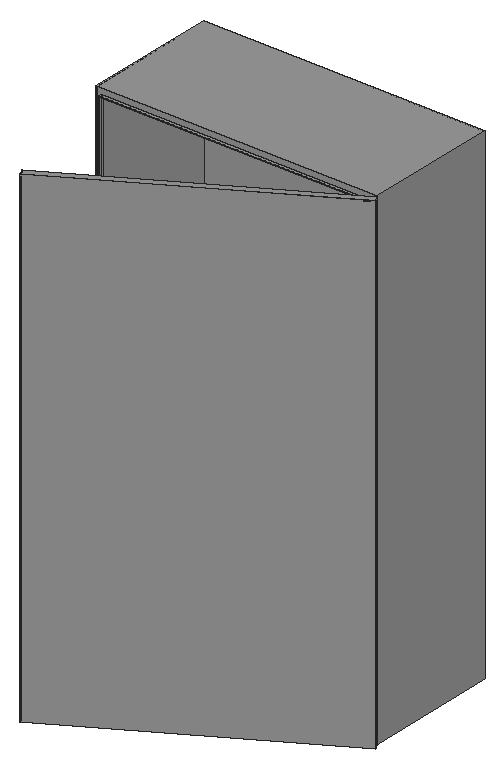
Revit family "Hager-Univers-IP55-D400-H1400-Cl.I-Steel_encl-NoHosted-PL-pl", category Electrical Equipment, Revit 2020
Family settings
  Panel Configuration = Two Columns, Circuits Across
  Round Connector Dimension = Use Diameter
  Part Type = Panelboard
  Work Plane-Based = Yes
  Always vertical = Yes
  Cut with Voids When Loaded = No
  Shared = No
  Room Calculation Point = No
Parameters (values of type "Montaż natynkowy IP55 S800 W1400 G400  - FR93G")
  Width Control [instance] = if([EF000008 - Szerokość] > Min Width, [EF000008 - Szerokość], Min Width)  # 800 mm
  Type Comments = [HG000003 - Zakres]  # "Univers"
  Thickness Door [instance] = if([EF009171 - Drzwi/pokrywa z materiału o wysokiej wytrzymałości mechanicznej] > 3 mm, 3 mm, [EF009171 - Drzwi/pokrywa z materiału o wysokiej wytrzymałości mechanicznej])  # 1.5 mm
  Seal Frame Offset [instance] = 17 mm  # constant formula
  Plinth Visibility [instance] = [HG000027 - Wysokość cokołu] > 0 mm  # no
  Min Width [instance] = 100 mm  # constant formula
  Min Depth [instance] = (2 * [EF009170 - Obudowa z materiału o wysokiej wytrzymałości mechanicznej]) + 1 mm  # 4 mm
  Min Height [instance] = 100 mm  # constant formula
  Internal Frame Depth [instance] = (Door System Depth * 0.5)  # 9 mm
  Panel Name [instance] = ""  # (empty or 0)
  Model = ""
  HG000027 - Wysokość cokołu = 0 mm
  HG000026 - Stojąca = no
  HG000024 - Wysokość części dolnej = 600 mm
  HG000023 - Obudowa dwusekcyjna = no
  HG000016 - Widoczność drzwi w widoku 3D [instance] = yes
  HG000015 - Przestrzeń robocza - otwarcie drzwi [instance] = no
  HG000014 - Drzwi prawe [instance] = yes
  HG000013 - Drzwi lewe [instance] = not([HG000014 - Drzwi prawe])  # no
  HG000012 - Kąt otwarcia drzwi [instance] = 30.00°
  HG000010 - Drzwi asymetryczne = no
  HG000009 - Drzwi dwuskrzydłowe = no
  HG000006 - Montaż podtynkowy = no
  HG000004 - Referencja producenta = "FR93G"
  HG000003 - Zakres = "Univers"
  HG000002 - Z drzwiami lub pokrywą = yes
  Frame Offset Bottom [instance] = 10 mm  # constant formula
  Frame Offset [instance] = 15 mm  # constant formula
  EF015940 - Pokrywa z wyzwalaczem nadciśnieniowym = no
  EF011959 - Stopień ochrony (NEMA) = ""
  EF009554 - Liczba otworów pod flansze = 6
  EF009212 - Wykonanie pokrywy = "EV000116 - Zamknięty"
  EF009171 - Drzwi/pokrywa z materiału o wysokiej wytrzymałości mechanicznej = 1.5 mm
  EF009170 - Obudowa z materiału o wysokiej wytrzymałości mechanicznej = 1.5 mm
  EF008873 - Prąd znamionowy (In) = 800 A
  EF007800 - Do ochrony odgromowej = no
  EF006306 - Z zamkiem = no
  EF006244 - Transparentna pokrywa/drzwi = no
  EF005474 - Stopień ochrony (IP) = "EV006420 - IP55"
  EF004464 - Rodzaj drzwi = "EV002646 - Pojedynczy"
  EF004427 - Liczba modułów = 324
  EF004293 - Odporność udarowa = "EV008784 - IK10"
  EF003532 - Do zastosowań zewnętrznych = no
  EF002950 - Szerokość wyrażona liczbą modułów = 24
  EF001613 - Podtrzymanie funkcji = "EV000494 - Brak"
  EF001596 - Materiał obudowy = "EV000179 - Stal"
  EF001131 - Głębokość wewnętrzna = 400 mm
  EF001088 - Możliwość rozbudowy = yes
  EF000437 - Liczba wejść kablowych = 6
  EF000339 - Rodzaj pokrywy = "EV004216 - Drzwi"
  EF000266 - Liczba rzędów = 9
  EF000218 - Głębokość wbudowania = 0 mm
  EF000118 - Z płytą montażową = no
  EF000116 - Numer RAL = "7035"
  EF000049 - Głębokość = 400 mm
  EF000040 - Wysokość = 1400 mm
  EF000008 - Szerokość = 800 mm
  EF000007 - Kolor = "EV000270 - Szary"
  EF000003 - Sposób montażu = "EV000384 - Montaż natynkowy"
  Door System Leaf Tolerance [instance] = 1.5 mm  # constant formula
  Door System Depth [instance] = 18 mm  # constant formula
  Door Height [instance] = Height Control - [HG000027 - Wysokość cokołu]  # 1400 mm
  Description = ""
  Default Elevation = 1219.2 mm
  Connector Offset [instance] = Height Control / 2  # 700 mm
  Manufacturer = "Hager"  # constant formula
  Height Control [instance] = if([EF000040 - Wysokość] > Min Height, [EF000040 - Wysokość], Min Height)  # 1400 mm
  Depth Control [instance] = if([EF000049 - Głębokość] > Min Depth, [EF000049 - Głębokość], Min Depth)  # 400 mm
  Bottom Top Plate Trim [instance] = 1.5 mm  # constant formula
  Plinth height Ctrl [instance] = if([HG000027 - Wysokość cokołu] > 0 mm, [HG000027 - Wysokość cokołu], 12 mm)  # 12 mm
Types (3, lengths in mm): name | Width Control | HG000009 - Drzwi dwuskrzydłowe | HG000004 - Referencja producenta | EF009554 - Liczba otworów pod flansze | EF004464 - Rodzaj drzwi | EF004427 - Liczba modułów | EF000437 - Liczba wejść kablowych | EF000008 - Szerokość
  Montaż natynkowy IP55 S1050 W1400 G400  - FR94G | 1050 | yes | "FR94G" | 8 | "EV003602 - Podwójny" | 432 | 8 | 1050
  Montaż natynkowy IP55 S550 W1400 G400  - FR92G | 550 | no | "FR92G" | 4 | "EV002646 - Pojedynczy" | 216 | 4 | 550
  Montaż natynkowy IP55 S800 W1400 G400  - FR93G | 800 | no | "FR93G" | 6 | "EV002646 - Pojedynczy" | 324 | 6 | 800
Reference planes
  plane 1 "Center (Front/Back)": y = 0
  plane 2: z = 0
  plane 3 "Center (Left/Right)": x = 0
  plane 4: y = 0
  plane 5: y = 0
  plane 6: z = 0
  plane 7: x = -400
  plane 8: x = 400
  plane 9: x = 398.5
  plane 10: x = -398.5
  plane 11: z = 0
  plane 12: z = 1.5
  plane 13: y = -400
  plane 14: y = -1.5
  plane 15: x = 0
  plane 16: y = -382
  plane 17: y = -398.5
  plane 18: y = -380.5
  plane 19: x = -383.5
  plane 20: x = 383.5
  plane 21: z = 11.5
  plane 22: x = -383
  plane 23: x = 383
  plane 24: z = 0
  plane 25: z = 1400
  plane 26: z = 1400
  plane 27: z = 1383.5
  plane 28: z = 1398.5
Forms (mm)
  Extrusion 1, solid, material "Hager_Steel_RAL7035_Light_Grey", detail levels medium+fine
    sketch origin (-208.679, -4572, 0) x (-1, 0, 0) y (0, -1, 0)
      loop
        line (191.321, -4190) -> (-608.679, -4190) -> (-608.679, -4572) -> (191.321, -4572) -> (191.321, -4190)
    from 0 to 1400
  Extrusion 2, void
    sketch origin (-350.771, -400, 1219.2) x (1, 0, 0) y (0, 0, 1)
      loop
        line (-47.729, 179.3) -> (-47.729, -1217.7) -> (749.271, -1217.7) -> (749.271, 179.3) -> (-47.729, 179.3)
    from -19.5 to -398.5
  Extrusion 3, void
    sketch origin (-290.084, -382, 1219.2) x (1, 0, 0) y (0, 0, 1)
      loop
        line (-93.416, -1207.7) -> (673.584, -1207.7) -> (673.584, 164.3) -> (-93.416, 164.3) -> (-93.416, -1207.7)
    from 0 to -1.5
  Extrusion 4, solid, material "Hager_Steel_RAL7035_Light_Grey", visible <- "Plinth Visibility", detail levels medium+fine
    sketch origin (0, 0, 0) x (1, 0, 0) y (0, 1, 0)
      loop
        line (-400, 0) -> (-400, -382) -> (400, -382) -> (400, 0) -> (-400, 0)
    from 0 to 12 <- "Plinth height Ctrl"
  Extrusion 5, solid, material "Hager_Steel_RAL7035_Light_Grey", detail levels coarse
    sketch origin (0, 0, 0) x (1, 0, 0) y (0, 1, 0)
      loop
        line (-400, 0) -> (-400, -400) -> (400, -400) -> (400, 0) -> (-400, 0)
    from 0 to 1400 <- "Height Control"
  Sweep 6, void
    path in 3D
      loop
        line (-400, -382, 12) -> (400, -382, 12) -> (400, 0, 12) -> (-400, 0, 12) -> (-400, -382, 12)
    profile origin (-400, -191, 12) x (1, 0, 0) y (0, 0, 1)
      loop
        line (0, 0) -> (0, -1.5) -> (1.5, -1.5)
        arc (1.5, -1.5) -> (1.061, -0.439) -> (0, 0) r 1.5
  Extrusion 7, solid, material "Hager_Steel_RAL7035_Light_Grey", detail levels fine
    sketch origin (-400, -382, 0) x (1, 0, 0) y (0, 0, 1)
      loop
        line (16.5, 11.5) -> (783.5, 11.5) -> (783.5, 1383.5) -> (16.5, 1383.5) -> (16.5, 11.5)
      loop
        line (15, 10) -> (785, 10) -> (785, 1385) -> (15, 1385) -> (15, 10)
    from 0 to 9 <- "Internal Frame Depth"
Cuts and joins
  Extrusion 2, Extrusion 3 cuts Extrusion 1
  Sweep 6 cuts Extrusion 4
Lines and regions (mm)
  Masking region 1
    outline origin (0, 0, 0) x (1, 0, 0) y (0, 1, 0)
      loop
        line (-400, 0) -> (-400, -400) -> (400, -400) -> (400, 0) -> (-400, 0)
  Masking region 2, detail levels coarse
    outline origin (-290.084, -382, 1219.2) x (-1, 0, 0) y (0, 0, 1)
      loop
        line (-690.084, -1219.2) -> (109.916, -1219.2) -> (109.916, 180.8) -> (-690.084, 180.8) -> (-690.084, -1219.2)
  Masking region 3, detail levels coarse
    outline origin (0, 0, 0) x (0, 1, 0) y (0, 0, 1)
      loop
        line (0, 0) -> (0, 1400) -> (-400, 1400) -> (-400, 0) -> (0, 0)
  Masking region 4, visible <- "Plinth Visibility", detail levels medium+fine
    outline origin (0, 0, 0) x (0, 1, 0) y (0, 0, 1)
      loop
        line (-1.5, 12) -> (-380.5, 12)
        arc (-380.5, 12) -> (-380.939, 10.939) -> (-382, 10.5) r 1.5
        line (-382, 10.5) -> (-382, 0) -> (0, 0) -> (0, 10.5)
        arc (0, 10.5) -> (-1.061, 10.939) -> (-1.5, 12) r 1.5
  Masking region 5, detail levels medium+fine
    outline origin (0, 0, 594.038) x (0, 1, 0) y (0, 0, 1)
      loop
        line (0, -594.038) -> (0, 805.962) -> (-382, 805.962) -> (-382, -594.038) -> (0, -594.038)
  Masking region 6, detail levels medium+fine
    outline origin (-359.7, -382, 1211.883) x (-1, 0, 0) y (0, 0, 1)
      loop
        line (-759.7, -1211.883) -> (40.3, -1211.883) -> (40.3, 188.117) -> (-759.7, 188.117) -> (-759.7, -1211.883)
  Masking region 7, visible <- "Plinth Visibility", detail levels medium+fine
    outline origin (-320.334, -382, 1041.368) x (-1, 0, 0) y (0, 0, 1)
      loop
        line (-720.334, -1041.368) -> (79.666, -1041.368) -> (79.666, -1030.868)
        arc (79.666, -1030.868) -> (78.606, -1030.429) -> (78.166, -1029.368) r 1.5
        line (78.166, -1029.368) -> (-718.834, -1029.368)
        arc (-718.834, -1029.368) -> (-719.273, -1030.429) -> (-720.334, -1030.868) r 1.5
        line (-720.334, -1030.868) -> (-720.334, -1041.368)
  sketch lines
    curve 1: line (-400, 0, 12) -> (-400, -382, 12)
    curve 2: line (-400, -382, 12) -> (400, -382, 12)
    curve 3: line (400, 0, 12) -> (-400, 0, 12)
    curve 4: line (400, -382, 12) -> (400, 0, 12)
Dimensions and locks
  locked: plane 1 "Center (Front/Back)" to plane 5
  "EF009170 - Obudowa z materiału o wysokiej wytrzymałości mechanicznej": plane 7 to plane 10
  "EF009170 - Obudowa z materiału o wysokiej wytrzymałości mechanicznej": plane 8 to plane 9
  equal spacing: plane 7, plane 3 "Center (Left/Right)", plane 8
  "Width Control": plane 7 to plane 8
  "Depth Control": plane 4 to plane 13
  "EF009170 - Obudowa z materiału o wysokiej wytrzymałości mechanicznej": plane 4 to plane 14
  "Height Control": plane 25 to level
  "HG000027 - Wysokość cokołu": plane 11 to level
  "EF009170 - Obudowa z materiału o wysokiej wytrzymałości mechanicznej": plane 12 to plane 11
  "EF009170 - Obudowa z materiału o wysokiej wytrzymałości mechanicznej": plane 17 to plane 13
  "EF009170 - Obudowa z materiału o wysokiej wytrzymałości mechanicznej": plane 18 to plane 16
  "Frame Offset Bottom": plane 21 to plane 12
  "Frame Offset": plane 10 to plane 19
  "Frame Offset": plane 9 to plane 20
  "Door System Depth": plane 16 to plane 13
  "Seal Frame Offset": plane 7 to plane 22
  "Seal Frame Offset": plane 8 to plane 23
  "EF009170 - Obudowa z materiału o wysokiej wytrzymałości mechanicznej": plane 26 to plane 28
  "Frame Offset": plane 28 to plane 27
  "Connector Offset": plane 2 to connector elem
  "Bottom Top Plate Trim": profile plane to Sweep 6 sketch curve
  "Bottom Top Plate Trim": Sweep 6 sketch curve to Sweep 6 sketch curve
  "Plinth height Ctrl": Masking region 4 sketch curve to level
  "Plinth height Ctrl": Masking region 7 sketch curve to level
  "Thickness Door": Extrusion 7 sketch curve to Extrusion 7 sketch curve  (x4)
  "Bottom Top Plate Trim": radius of Sweep 6 sketch curve
  "Bottom Top Plate Trim": radius of Masking region 4 sketch curve  (x2)
  "Bottom Top Plate Trim": radius of Masking region 7 sketch curve  (x2)
  aligned and locked: Extrusion 2 sketch curve to plane 12
  aligned and locked: Extrusion 2 sketch curve to plane 9
  aligned and locked: Extrusion 2 sketch curve to plane 10
  aligned and locked: Extrusion 2 to plane 14
  aligned and locked: Extrusion 1 sketch curve to plane 4
  aligned and locked: plane 8 to Extrusion 1 sketch curve
  aligned and locked: plane 7 to Extrusion 1 sketch curve
  aligned and locked: Extrusion 2 to plane 18
  aligned and locked: Extrusion 3 sketch curve to plane 19
  aligned and locked: plane 20 to Extrusion 3 sketch curve
  aligned and locked: Extrusion 3 to Extrusion 2
  aligned and locked: Extrusion 3 sketch curve to plane 21
  aligned and locked: plane 3 "Center (Left/Right)" to nested 1
  aligned and locked: Extrusion 1 sketch curve to plane 16
  aligned and locked: Extrusion 4 sketch curve to cut or joined group of Extrusion 1, Extrusion 2, Extrusion 3
  aligned and locked: Masking region 1 sketch curve to plane 7
  aligned and locked: Masking region 1 sketch curve to plane 5
  aligned and locked: Masking region 1 sketch curve to plane 8
  aligned and locked: Masking region 2 sketch curve to level
  aligned and locked: level to Masking region 3 sketch curve
  aligned and locked: plane 1 "Center (Front/Back)" to Masking region 3 sketch curve
  aligned and locked: plane 13 to Masking region 3 sketch curve
  aligned and locked: plane 5 to Masking region 4 sketch curve
  aligned and locked: Masking region 2 sketch curve to plane 8
  aligned and locked: Masking region 2 sketch curve to plane 7
  aligned and locked: plane 7 to nested 2
  aligned and locked: nested 2 to plane 5
  aligned and locked: plane 5 to Masking region 5 sketch curve
  aligned and locked: plane 26 to Masking region 5 sketch curve
  aligned and locked: Extrusion 5 sketch curve to plane 8
  aligned and locked: Extrusion 5 sketch curve to plane 7
  aligned and locked: Extrusion 5 sketch curve to plane 5
  aligned and locked: Extrusion 3 sketch curve to plane 27
  aligned and locked: Extrusion 2 sketch curve to plane 28
  aligned and locked: Masking region 2 to plane 25
  aligned and locked: Extrusion 4 to plane 16
  aligned and locked: profile plane to Sweep 6 sketch curve
  aligned and locked: Masking region 5 sketch curve to plane 24
  aligned and locked: level to Masking region 4 sketch curve
  aligned and locked: Masking region 1 to plane 13
  aligned and locked: nested 1 to plane 16
  aligned and locked: Masking region 3 to plane 25
  aligned and locked: plane 16 to Masking region 4 sketch curve
  aligned and locked: Masking region 5 sketch curve to plane 16
  aligned and locked: plane 24 to plane 11
  aligned and locked: plane 26 to plane 25
  aligned and locked: plane 26 to cut or joined group of Extrusion 1, Extrusion 2, Extrusion 3
  aligned and locked: nested 1 to plane 24
  aligned and locked: Extrusion 1 to Extrusion 3
  aligned and locked: Masking region 6 sketch curve to plane 8
  aligned and locked: Masking region 6 sketch curve to plane 24
  aligned and locked: Masking region 6 sketch curve to plane 7
  aligned and locked: Masking region 6 sketch curve to plane 26
  aligned and locked: Masking region 7 sketch curve to plane 7
  aligned and locked: level to Masking region 7 sketch curve
  aligned and locked: Masking region 7 sketch curve to plane 8
  aligned and locked: Extrusion 7 sketch curve to cut or joined group of Extrusion 1, Extrusion 2, Extrusion 3  (x4)
Automatic sketch dimensions
  plane 19 to Extrusion 3 sketch curve = 0 mm
  Extrusion 3 sketch curve to plane 20 = 0 mm
  Extrusion 3 sketch curve to plane 21 = 0 mm
  Extrusion 4 sketch curve to plane 7 = 0 mm
  Extrusion 4 sketch curve to plane 8 = 0 mm
  Extrusion 4 sketch curve to plane 16 = 0 mm
  Masking region 1 sketch curve to plane 13 = 0 mm
  Masking region 2 sketch curve to plane 25 = 0 mm
  Masking region 3 sketch curve to plane 25 = 0 mm
  Extrusion 5 sketch curve to plane 13 = 0 mm
  profile plane to Sweep 6 sketch curve = 0 mm
Nested families
  nested 1: "EC000058_Univers_Door" at (0, -382, 0), Double <- "HG000009 - Drzwi dwuskrzydłowe", Transparent <- "EF006244 - Transparentna pokrywa/drzwi", Angle <- "HG000012 - Kąt otwarcia drzwi", Door_Right <- "HG000014 - Drzwi prawe", Assymetrical <- "HG000010 - Drzwi asymetryczne", Door <- "HG000002 - Z drzwiami lub pokrywą", Width_Ctrl <- "Width Control", 3d_Door <- "HG000016 - Widoczność drzwi w widoku 3D", Clearance <- "HG000015 - Przestrzeń robocza - otwarcie drzwi", Door_Left <- "HG000013 - Drzwi lewe", Width <- "Width Control", Door_Depth <- "Door System Depth", Leaf_Tolerance <- "Door System Leaf Tolerance", Height <- "Door Height", Lock_Visibility <- "EF006306 - Z zamkiem", Thickness <- "Thickness Door", type "EC000058_Univers_Door", detail levels medium+fine
    with min_wh 4 mm, Width_Ctrl 800 mm, Width 800 mm, Transparent no, Thickness 1.5 mm, Seal_Material Hager_Rubber, Lock_Visibility no, Lock_Material Hager_Plastic_RAL9005_Jet_Black, Leaf_Width 800 mm, Leaf_Tolerance_External_Sides 0 mm, Leaf_Tolerance 1.5 mm, Leaf_Offset 0 mm, Leaf_Height 1397 mm, Leaf_2_Width 800 mm, Leaf_2_Offset 400 mm, Leaf_1_Width 800 mm, Leaf_1_Offset 400 mm, Height_Ctrl 1400 mm, Height 1400 mm, Glass_Material Hager_Glass, Double_Clearance_Ctrl no, Double no, Door_Right_Ctrl yes, Door_Right yes, Door_Material Hager_Steel_RAL7035_Light_Grey, Door_Left_Ctrl no, Door_Left no, Door_Depth 18 mm, Door yes, Clearance_Material Hager_Clearance, Clearance_Depth 800 mm, Clearance_Ctrl no, Clearance no, Assymetrical no, Angle 30.00°, 3d_Door yes
  nested 2: "Hager_Enclosure_Symbol" at (-400, 0, 0), Height <- "Depth Control", Width <- "Width Control", type "Hager_Enclosure_Symbol"
    with Width_Ctrl 800 mm, Width 800 mm, Height_Ctrl 400 mm, Height 400 mm, A_Width_Int 26.25 mm, A_Width 315 mm, A_Height_Ctrl 350 mm, A_Height 350 mm
Connectors
  electrical at (0, 0, 700)
    settings: on plane 1 "Center (Front/Back)", index 1, voltage 0 V, apparent load 0 VA, apparent load phase1 0 VA, apparent load phase2 0 VA, apparent load phase3 0 VA, power factor 1, load classification "Other", number of poles 1, system type 30, power factor state 1, is connector primary yes, connector utility no, sub classification motor no, connector description ""
Definition of nested family "EC000058_Univers_Door"
  Parameters (values of type "EC000058_Univers_Door")
    min_wh [instance] = (2 * Thickness) + 1 mm  # 11 mm
    Width_Ctrl [instance] = 400 mm
    Width [instance] = 500 mm
    Transparent [instance] = yes
    Thickness [instance] = 5 mm
    Seal_Material [instance] = none
    Lock_Visibility [instance] = yes
    Lock_Material [instance] = none
    Leaf_Width [instance] = if((Width_Ctrl - 2 * Leaf_Tolerance_External_Sides) > 0 mm, (Width_Ctrl - 2 * Leaf_Tolerance_External_Sides), min_wh)  # 400 mm
    Leaf_Tolerance_External_Sides [instance] = 0 mm  # constant formula
    Leaf_Tolerance [instance] = 1.5 mm
    Leaf_Offset [instance] = 0 mm  # constant formula
    Leaf_Height [instance] = if((Height_Ctrl - 2 * Leaf_Tolerance) > 0 mm, (Height_Ctrl - 2 * Leaf_Tolerance), min_wh)  # 497 mm
    Leaf_2_Width [instance] = if(and(and(Double, Assymetrical), Door_Left), (Leaf_Width / 3) - (Leaf_Tolerance / 2), if(and(and(Double, Assymetrical), Door_Right), (Leaf_Width / 3) * 2 - (Leaf_Tolerance / 2), if(and(Double, not(Assymetrical)), (Leaf_Width / 2) - Leaf_Tolerance, Leaf_Width)))  # 400 mm
    Leaf_2_Offset [instance] = if(and(Double, Assymetrical), Leaf_2_Width / 2, if(and(Double, not(Assymetrical)), Leaf_Width / 4, Leaf_Width / 2))  # 200 mm
    Leaf_1_Width [instance] = if(and(and(Double, Assymetrical), Door_Right), (Leaf_Width / 3) - (Leaf_Tolerance / 2), if(and(and(Double, Assymetrical), Door_Left), (Width / 3) * 2 - (Leaf_Tolerance / 2), if(and(Double, not(Assymetrical)), (Leaf_Width / 2) - Leaf_Tolerance, Leaf_Width)))  # 400 mm
    Leaf_1_Offset [instance] = if(and(Double, Assymetrical), Leaf_1_Width / 2, if(and(Double, not(Assymetrical)), Leaf_Width / 4, Leaf_Width / 2))  # 200 mm
    Height_Ctrl [instance] = if(Height > min_wh, Height, min_wh)  # 500 mm
    Height [instance] = 500 mm
    Glass_Material [instance] = none
    Double_Clearance_Ctrl [instance] = and(Double, Clearance)  # no
    Double [instance] = no
    Door_Right_Ctrl [instance] = and(or(Door_Right, Double), Door)  # yes
    Door_Right [instance] = yes
    Door_Material [instance] = none
    Door_Left_Ctrl [instance] = and(or(Door_Left, Double), Door)  # no
    Door_Left [instance] = no
    Door_Depth [instance] = 30 mm
    Door [instance] = yes
    Default Elevation = 1219.2 mm
    Clearance_Material [instance] = none
    Clearance_Depth [instance] = if(Leaf_1_Width > Leaf_2_Width, Leaf_1_Width, Leaf_2_Width)  # 400 mm
    Clearance_Ctrl [instance] = and(not(Double), Clearance)  # yes
    Clearance [instance] = yes
    Assymetrical [instance] = yes
    Angle [instance] = 30.00°
    3d_Door [instance] = yes
  Reference planes
    plane 1 "Center (Front/Back)": y = 0
    plane 2 "Bottom": z = 0
    plane 3 "Center (Left/Right)": x = 0
    plane 4: z = 500
    plane 5: x = -200
    plane 6: x = 200
    plane 7: z = 500
    plane 8: x = -200
    plane 9: z = 0
    plane 10: x = 200
    plane 11: y = 0
    plane 12: z = 1.5
    plane 13: x = -600
    plane 14: y = -400
    plane 15: x = 600
    plane 16: x = 0
    plane 17: x = 0
    plane 18: x = -200
    plane 19: x = 200
    plane 20: z = 498.5
  Forms (mm)
    Extrusion 1, solid, material <- "Clearance_Material", visible <- "Double_Clearance_Ctrl"
      sketch origin (1200, 0, 0) x (1, 0, 0) y (0, 0, -1)
        loop
          line (-1800, -498.5) -> (-600, -498.5) -> (-600, 0) -> (-1800, 0) -> (-1800, -498.5)
      from 0 to -400
  Dimensions and locks
    equal spacing: plane 5, plane 3 "Center (Left/Right)", plane 6
    "Width_Ctrl": plane 5 to plane 6
    "Leaf_Offset": plane 5 to plane 8
    "Leaf_Offset": plane 6 to plane 10
    "Leaf_Offset": plane 9 to level
    "Leaf_Offset": plane 4 to plane 7
    "Height_Ctrl": plane 4 to level
    "Leaf_Tolerance": plane 12 to plane 9
    locked: plane 11 to plane 1 "Center (Front/Back)"
    "Leaf_1_Offset": plane 18 to plane 16
    "Leaf_2_Offset": plane 17 to plane 19
    "Leaf_1_Width": plane 13 to plane 8
    "Leaf_2_Width": plane 10 to plane 15
    "Clearance_Depth": plane 14 to plane 1 "Center (Front/Back)"
    "Leaf_Tolerance_External_Sides": plane 8 to plane 18
    "Leaf_Tolerance_External_Sides": plane 19 to plane 10
    "Leaf_Tolerance": plane 7 to plane 20
    aligned and locked: level to plane 2 "Bottom"
    aligned and locked: nested 1 to plane 16
    aligned and locked: nested 2 to plane 17
    aligned and locked: Extrusion 1 to plane 13
    aligned and locked: plane 15 to Extrusion 1
    aligned and locked: Extrusion 1 to plane 14
    aligned and locked: plane 12 to nested 1
    aligned and locked: nested 2 to plane 12
    aligned and locked: Extrusion 1 to plane 11
    aligned and locked: plane 20 to Extrusion 1
    aligned and locked: nested 2 to plane 11
    aligned and locked: nested 1 to plane 11
  Automatic sketch dimensions
    Extrusion 1 sketch curve to level = 0 mm
    plane 5 to Extrusion 1 sketch curve = 400 mm
    plane 6 to Extrusion 1 sketch curve = 400 mm
    Extrusion 1 sketch curve to plane 4 = 1.5 mm
  Nested families
    nested 1: "EC000058_Univers_Door_Leaf" at (0, 0, 1.5), Width <- "Leaf_1_Width", visible <- "Door_Left_Ctrl", Leaf_Height <- "Leaf_Height", Angle <- "Angle", 3d_Door <- "3d_Door", Transparent <- "Transparent", Clearance Material <- "Clearance_Material", Clearance <- "Clearance_Ctrl", Door_Material <- "Door_Material", Glass_Material <- "Glass_Material", Door_Depth <- "Door_Depth", Lock_Material <- "Lock_Material", Seal_Material <- "Seal_Material", Lock_Visibility <- "Lock_Visibility", Thickness <- "Thickness", type "EC000058_Univers_Door_Leaf"
      with Width 400 mm, Transparent_Glass_Offset 30 mm, Transparent_Ctrl yes, Transparent yes, Thickness 5 mm, Standard no, Seal_Material none, Seal_D2 8 mm, Seal_D1 1 mm, Offset_Internal_Frame 10 mm, Lock_Width 20 mm, Lock_Visibility_3d yes, Lock_Visibility yes, Lock_Thickness_3 3 mm, Lock_Thickness_2 1 mm, Lock_Thickness_1 3 mm, Lock_Radius_Offset_2 16 mm, Lock_Radius_Offset_1 15 mm, Lock_Radius_2 5 mm, Lock_Radius 6 mm, Lock_Offset 5 mm, Lock_Material none, Lock_Height 80 mm, Lock_Cover_Top_Offset_2d 17 mm, Lock_Cover_Height -65 mm, Leaf_Height 497 mm, Internal_Seal_Thickness 8 mm, Internal_Seal_Depth_2 4.5 mm, Internal_Frame_Depth 25 mm, Glass_Thickness -1 mm, Glass_Offset -2 mm, Glass_Material none, Door_Material none, Door_Depth 30 mm, Clearance Material none, Clearance yes, Angle_Ctrl 30.00°, Angle 30.00°, 3d_Door yes
    nested 2: "EC000058_Univers_Door_Leaf" at (0, 0, 1.5) x (-1, 0, 0) z (0, 0, 1), Width <- "Leaf_2_Width", visible <- "Door_Right_Ctrl", Leaf_Height <- "Leaf_Height", Angle <- "Angle", 3d_Door <- "3d_Door", Transparent <- "Transparent", Clearance Material <- "Clearance_Material", Clearance <- "Clearance_Ctrl", Door_Material <- "Door_Material", Glass_Material <- "Glass_Material", Door_Depth <- "Door_Depth", Lock_Material <- "Lock_Material", Seal_Material <- "Seal_Material", Lock_Visibility <- "Lock_Visibility", Thickness <- "Thickness", type "EC000058_Univers_Door_Leaf"
      with Width 400 mm, Transparent_Glass_Offset 30 mm, Transparent_Ctrl yes, Transparent yes, Thickness 5 mm, Standard no, Seal_Material none, Seal_D2 8 mm, Seal_D1 1 mm, Offset_Internal_Frame 10 mm, Lock_Width 20 mm, Lock_Visibility_3d yes, Lock_Visibility yes, Lock_Thickness_3 3 mm, Lock_Thickness_2 1 mm, Lock_Thickness_1 3 mm, Lock_Radius_Offset_2 16 mm, Lock_Radius_Offset_1 15 mm, Lock_Radius_2 5 mm, Lock_Radius 6 mm, Lock_Offset 5 mm, Lock_Material none, Lock_Height 80 mm, Lock_Cover_Top_Offset_2d 17 mm, Lock_Cover_Height -65 mm, Leaf_Height 497 mm, Internal_Seal_Thickness 8 mm, Internal_Seal_Depth_2 4.5 mm, Internal_Frame_Depth 25 mm, Glass_Thickness -1 mm, Glass_Offset -2 mm, Glass_Material none, Door_Material none, Door_Depth 30 mm, Clearance Material none, Clearance yes, Angle_Ctrl 30.00°, Angle 30.00°, 3d_Door yes
  Definition of nested family "EC000058_Univers_Door_Leaf"
    Parameters (values of type "EC000058_Univers_Door_Leaf")
      Width [instance] = 2000 mm
      Transparent_Glass_Offset [instance] = 30 mm
      Transparent_Ctrl [instance] = and(Transparent, [3d_Door])  # yes
      Transparent [instance] = yes
      Thickness [instance] = 5 mm
      Standard [instance] = and(not(Transparent), [3d_Door])  # no
      Seal_Material [instance] = none
      Seal_D2 [instance] = 8 mm  # constant formula
      Seal_D1 [instance] = 1 mm  # constant formula
      Offset_Internal_Frame [instance] = 10 mm  # constant formula
      Lock_Width [instance] = 20 mm  # constant formula
      Lock_Visibility_3d [instance] = and(Lock_Visibility, [3d_Door])  # yes
      Lock_Visibility [instance] = yes
      Lock_Thickness_3 [instance] = 3 mm  # constant formula
      Lock_Thickness_2 [instance] = 1 mm  # constant formula
      Lock_Thickness_1 [instance] = 3 mm  # constant formula
      Lock_Radius_Offset_2 [instance] = Lock_Radius_Offset_1 + 1 mm  # 16 mm
      Lock_Radius_Offset_1 [instance] = 15 mm  # constant formula
      Lock_Radius_2 [instance] = Lock_Radius - 1 mm  # 5 mm
      Lock_Radius [instance] = 6 mm  # constant formula
      Lock_Offset [instance] = 5 mm  # constant formula
      Lock_Material [instance] = none
      Lock_Height [instance] = 80 mm  # constant formula
      Lock_Cover_Top_Offset_2d [instance] = Lock_Radius_Offset_2 + 1 mm  # 17 mm
      Lock_Cover_Height [instance] = -(Lock_Height - Lock_Radius_Offset_1)  # -65 mm
      Leaf_Height [instance] = 2720.336 mm
      Internal_Seal_Thickness [instance] = 8 mm  # constant formula
      Internal_Seal_Depth_2 [instance] = 4.5 mm  # constant formula
      Internal_Frame_Depth [instance] = if(Door_Depth - Thickness > 5 mm, Door_Depth - Thickness, 5 mm)  # 25 mm
      Glass_Thickness [instance] = if(Thickness > 15 mm, Glass_Offset + 10 mm, -1 mm)  # -1 mm
      Glass_Offset [instance] = if(Thickness > 15 mm, -(Thickness + 10 mm) / 2, -2 mm)  # -2 mm
      Glass_Material [instance] = none
      Door_Material [instance] = none
      Door_Depth [instance] = 30 mm
      Default Elevation = 0 mm
      Clearance Material [instance] = none
      Clearance [instance] = yes
      Angle_Ctrl [instance] = if(Angle > 180.00°, 180.00°, Angle)  # 90.00°
      Angle [instance] = 90.00°
      3d_Door [instance] = yes
    Reference planes
      plane 1 "Center (Front/Back)": y = 0
      plane 2: z = 0
      plane 3 "Center (Left/Right)": x = 0
      plane 4: y = 2000
      plane 5: x = -1000
      plane 6: x = 1000
      plane 7: x = -3000
      plane 8: z = 2720.336
      plane 9: z = 30
      plane 10: z = 2690.336
      plane 11: x = 970
      plane 12: x = -970
      plane 13: y = -3
      plane 14: z = 107.833
      plane 15: y = -5
      plane 16: y = -223.314
      plane 17: x = -1000
      plane 18: z = 1360.168
      plane 19: y = 30
    Forms (mm)
      Extrusion 1, solid, material <- "Clearance Material", visible <- "Clearance"
        sketch origin (0, 0, 0) x (1, 0, 0) y (0, 0, 1)
          loop
            line (-3000, 2720.336) -> (-3000, 0) -> (1000, 0) -> (1000, 2720.336) -> (-3000, 2720.336)
        from 0 to -2000
      Extrusion 2, solid, material <- "Door_Material", visible <- "Standard", detail levels medium+fine
        sketch origin (-1000, 0, 0) x (0, 1, 0) y (-1, 0, 0)
          loop
            line (0, 30) -> (0, 25) -> (2000, 25) -> (2000, 30) -> (0, 30)
        from 0 to 2720.336 <- "Leaf_Height"
      Extrusion 3, solid, material <- "Door_Material", visible <- "Transparent_Ctrl", detail levels medium+fine
        sketch origin (-1000, 0, 0) x (0, 1, 0) y (-1, 0, 0)
          loop
            line (0, 25) -> (2000, 25) -> (2000, 30) -> (0, 30) -> (0, 25)
        from 0 to 2720.336 <- "Leaf_Height"
      Extrusion 4, void
        sketch origin (-1025, 2000, 0) x (0, 1, 0) y (0, 0, -1)
          loop
            line (-30, -2690.336) -> (-30, -30) -> (-1970, -30) -> (-1970, -2690.336) -> (-30, -2690.336)
        from 0 to 5 <- "Thickness"
      Sweep 5, solid, material <- "Seal_Material", visible <- "Transparent_Ctrl", detail levels fine
        path in 3D
          loop
            line (-1025, 30, 30) -> (-1025, 30, 2690.336) -> (-1025, 1970, 2690.336) -> (-1025, 1970, 30) -> (-1025, 30, 30)
        profile origin (-1025, 1000, 30) x (1, 0, 0) y (0, 0, 1)
          loop
            line (0, 0) -> (0, -8) -> (1, -8) -> (1, 0) -> (0, 0)
      Extrusion 6, solid, material <- "Glass_Material", visible <- "Transparent_Ctrl", detail levels medium+fine
        sketch origin (-1030, 0, 0) x (0, 1, 0) y (0, 0, -1)
          loop
            line (1970, -2690.336) -> (1970, -30) -> (30, -30) -> (30, -2690.336) -> (1970, -2690.336)
        from -2 <- "Glass_Offset" to -1 <- "Glass_Thickness"
      Extrusion 7, solid, material <- "Door_Material", visible <- "3d_Door", detail levels medium+fine
        sketch origin (-1025, 2000, 0) x (0, -1, 0) y (0, 0, -1)
          loop
            line (0, -2720.336) -> (2000, -2720.336) -> (2000, 0) -> (0, 0) -> (0, -2720.336)
          loop
            line (1995, -5) -> (5, -5) -> (5, -2715.336) -> (1995, -2715.336) -> (1995, -5)
        from 0 to 25 <- "Internal_Frame_Depth"
      Sweep 8, solid, material <- "Seal_Material", visible <- "Transparent_Ctrl", detail levels fine
        path in 3D
          loop
            line (-1025, 0, 0) -> (-1025, 2000, 0) -> (-1025, 2000, 2720.336) -> (-1025, 0, 2720.336) -> (-1025, 0, 0)
        profile origin (-1025, 0, 1360.168) x (1, 0, 0) y (0, 1, 0)
          loop
            line (0, 10) -> (2.975, 10)
            arc (2.975, 10) -> (4.053, 10.447) -> (4.5, 11.525) r 1.525
            line (4.5, 11.525) -> (4.5, 16.527)
            arc (4.5, 16.527) -> (4.069, 17.569) -> (3.027, 18) r 1.473
            line (3.027, 18) -> (0, 18) -> (0, 10)
      Extrusion 9, solid, material <- "Lock_Material", visible <- "Lock_Visibility_3d", detail levels fine
        sketch origin (-1030, 0, 0) x (0, 1, 0) y (0, 0, -1)
          loop
            arc (1993.5, -1400.168) -> (1994.561, -1399.729) -> (1995, -1398.668) r 1.5
            line (1995, -1398.668) -> (1995, -1320.168) -> (1975, -1320.168) -> (1975, -1398.668)
            arc (1975, -1398.668) -> (1975.439, -1399.729) -> (1976.5, -1400.168) r 1.5
            line (1976.5, -1400.168) -> (1993.5, -1400.168)
        from 3 <- "Lock_Thickness_1" to 0
      Blend 10, solid, material <- "Lock_Material", visible <- "Lock_Visibility_3d", detail levels fine
        base sketch origin (-1033, 0, 0) x (0, 1, 0) y (0, 0, -1)
          loop
            line (1975, -1320.168) -> (1975, -1398.668)
            arc (1975, -1398.668) -> (1975.439, -1399.729) -> (1976.5, -1400.168) r 1.5
            line (1976.5, -1400.168) -> (1993.5, -1400.168)
            arc (1993.5, -1400.168) -> (1994.561, -1399.729) -> (1995, -1398.668) r 1.5
            line (1995, -1398.668) -> (1995, -1320.168) -> (1975, -1320.168)
        top sketch origin (-1033, 0, 0) x (0, 1, 0) y (0, 0, -1)
          loop
            line (1976, -1320.168) -> (1976, -1398.668)
            arc (1976, -1398.668) -> (1976.146, -1399.022) -> (1976.5, -1399.168) r 0.5
            line (1976.5, -1399.168) -> (1993.5, -1399.168)
            arc (1993.5, -1399.168) -> (1993.854, -1399.022) -> (1994, -1398.668) r 0.5
            line (1994, -1398.668) -> (1994, -1320.168) -> (1976, -1320.168)
        from 0 to 1 <- "Lock_Thickness_2"
      Blend 11, solid, material <- "Lock_Material", visible <- "Lock_Visibility_3d", detail levels fine
        base sketch origin (-1034, 0, 0) x (0, 1, 0) y (0, 0, -1)
          loop
            line (1978, -1320.168) -> (1978, -1384.168)
            arc (1978, -1384.168) -> (1985, -1391.168) -> (1992, -1384.168) r 7
            line (1992, -1384.168) -> (1992, -1320.168) -> (1978, -1320.168)
        top sketch origin (-1034, 0, 0) x (0, 1, 0) y (0, 0, -1)
          loop
            line (1991, -1320.168) -> (1979, -1320.168) -> (1979, -1383.168)
            arc (1979, -1383.168) -> (1985, -1389.168) -> (1991, -1383.168) r 6
            line (1991, -1383.168) -> (1991, -1320.168)
        from 0 to 3 <- "Lock_Thickness_3"
      Extrusion 12, solid, material <- "Lock_Material", visible <- "Lock_Visibility_3d", detail levels fine
        sketch origin (-1030, 1975, 1320.168) x (1, 0, 0) y (0, -1, 0)
          loop
            line (-7, -19) -> (-7, -1) -> (0, -1) -> (0, 0) -> (-8, 0) -> (-8, -20) -> (0, -20) -> (0, -19) -> (-7, -19)
        from 0 to -65 <- "Lock_Cover_Height"
      Extrusion 13, void
        sketch origin (-1038, 1995, 1320.168) x (-1, 0, 0) y (0, 0, -1)
          loop
            line (-5, -65) -> (0, -65) -> (-5, -60) -> (-5, -65)
        from 0 to 20 <- "Lock_Width"
      Extrusion 14, void
        sketch origin (-1038, 1975, 1320.168) x (0, -1, 0) y (0, 0, -1)
          loop
            circle (-10, -15.995) r 6
          loop
            circle (-10, -15.995) r 5
        from 0 to 2
      Extrusion 15, solid, material <- "Lock_Material", visible <- "Lock_Visibility_3d", detail levels medium
        sketch origin (-1030, 0, 0) x (0, 1, 0) y (0, 0, -1)
          loop
            arc (1993.5, -1400.168) -> (1994.561, -1399.729) -> (1995, -1398.668) r 1.5
            line (1995, -1398.668) -> (1995, -1320.168) -> (1975, -1320.168) -> (1975, -1398.668)
            arc (1975, -1398.668) -> (1975.439, -1399.729) -> (1976.5, -1400.168) r 1.5
            line (1976.5, -1400.168) -> (1993.5, -1400.168)
        from 8 to 0
    Cuts and joins
      Extrusion 4 cuts Extrusion 3
      Extrusion 13, Extrusion 14 cuts Extrusion 9
      Extrusion 14 cuts Blend 11
      Extrusion 13, Extrusion 14 cuts Extrusion 12
      joined: Extrusion 9, Blend 10, Blend 11, Extrusion 12
      Extrusion 14 cuts Extrusion 15
    Lines and regions (mm)
      Masking region 1, visible <- "Lock_Visibility", detail levels fine
        outline origin (0, 0, 0) x (0, 1, 0) y (0, 0, 1)
          loop
            line (30, 1320.168) -> (33, 1320.168) -> (33, 1400.168) -> (30, 1400.168) -> (30, 1320.168)
      Masking region 2, visible <- "Lock_Visibility", detail levels fine
        outline origin (0, 3.143, 0) x (0, 1, 0) y (0, 0, 1)
          loop
            line (29.857, 1354.168) -> (30.857, 1354.168) -> (30.857, 1366.168) -> (29.857, 1366.168) -> (29.857, 1354.168)
      Masking region 3, detail levels medium+fine
        outline origin (0, 0, 0) x (0, 1, 0) y (0, 0, 1)
          loop
            line (0, 0) -> (30, 0) -> (30, 2720.336) -> (0, 2720.336) -> (0, 0)
      Masking region 4, detail levels medium+fine
        outline origin (0, 0, 0) x (1, 0, 0) y (0, 0, 1)
          loop
            line (-1000, 2720.336) -> (-1000, 0) -> (1000, 0) -> (1000, 2720.336) -> (-1000, 2720.336)
      Masking region 5, visible <- "Lock_Visibility", detail levels fine
        outline origin (-47.116, 0, 0) x (1, 0, 0) y (0, 0, 1)
          loop
            arc (1024.616, 1399.168) -> (1023.556, 1398.729) -> (1023.116, 1397.668) r 1.5
            line (1023.116, 1397.668) -> (1023.116, 1320.168) -> (1041.116, 1320.168) -> (1041.116, 1397.668)
            arc (1041.116, 1397.668) -> (1040.677, 1398.729) -> (1039.616, 1399.168) r 1.5
            line (1039.616, 1399.168) -> (1024.616, 1399.168)
      Masking region 6, visible <- "Lock_Visibility", detail levels medium+fine
        outline origin (-25, 0, 0) x (1, 0, 0) y (0, 0, 1)
          loop
            arc (1001.5, 1400.168) -> (1000.439, 1399.729) -> (1000, 1398.668) r 1.5
            line (1000, 1398.668) -> (1000, 1320.168) -> (1020, 1320.168) -> (1020, 1398.668)
            arc (1020, 1398.668) -> (1019.561, 1399.729) -> (1018.5, 1400.168) r 1.5
            line (1018.5, 1400.168) -> (1001.5, 1400.168)
      Masking region 7, visible <- "Lock_Visibility", detail levels fine
        outline origin (-73.735, 0, 0) x (1, 0, 0) y (0, 0, 1)
          loop
            line (1051.735, 1382.168) -> (1065.735, 1382.168) -> (1065.735, 1384.168)
            arc (1065.735, 1384.168) -> (1058.735, 1391.168) -> (1051.735, 1384.168) r 7
            line (1051.735, 1384.168) -> (1051.735, 1382.168)
      Masking region 8, visible <- "Lock_Visibility", detail levels fine
        outline origin (-73.735, 0, 0) x (1, 0, 0) y (0, 0, 1)
          loop
            line (1052.735, 1382.168) -> (1064.735, 1382.168) -> (1064.735, 1383.168)
            arc (1064.735, 1383.168) -> (1058.735, 1389.168) -> (1052.735, 1383.168) r 6
            line (1052.735, 1383.168) -> (1052.735, 1382.168)
      Masking region 9, visible <- "Lock_Visibility", detail levels fine
        outline origin (-25, 0, 0) x (1, 0, 0) y (0, 0, 1)
          loop
            line (1020, 1320.168) -> (1020, 1382.168) -> (1000, 1382.168) -> (1000, 1320.168) -> (1020, 1320.168)
      Masking region 10, detail levels medium+fine
        outline origin (0, 0, 0) x (1, 0, 0) y (0, 0, 1)
          loop
            circle (985, 1335.144) r 6
      Masking region 11, detail levels fine
        outline origin (0, 0, 0) x (1, 0, 0) y (0, 0, 1)
          loop
            circle (985, 1335.144) r 5
      Masking region 12, visible <- "Lock_Visibility", detail levels fine
        outline origin (0, 12.767, 0) x (0, 1, 0) y (0, 0, 1)
          loop
            line (20.233, 1320.168) -> (21.233, 1320.168) -> (21.233, 1399.168) -> (20.233, 1400.168) -> (20.233, 1320.168)
      Masking region 13, visible <- "Lock_Visibility", detail levels fine
        outline origin (0, 13.767, -10) x (0, 1, 0) y (0, 0, 1)
          loop
            line (20.233, 1330.168) -> (23.233, 1330.168) -> (23.233, 1399.168) -> (20.233, 1402.168) -> (20.233, 1330.168)
      Masking region 14, visible <- "Lock_Visibility", detail levels fine
        outline origin (0, 12.767, -10) x (0, 1, 0) y (0, 0, 1)
          loop
            line (20.233, 1330.168) -> (25.233, 1330.168) -> (25.233, 1399.305) -> (20.233, 1394.305) -> (20.233, 1330.168)
      Masking region 15, visible <- "Lock_Visibility", detail levels medium
        outline origin (0, 0, 0) x (0, 1, 0) y (0, 0, 1)
          loop
            line (30, 1320.168) -> (38, 1320.168) -> (38, 1400.168) -> (30, 1400.168) -> (30, 1320.168)
      Masking region 16, visible <- "Lock_Visibility", detail levels fine
        outline origin (-1000, 0, 0) x (0, 1, 0) y (-1, 0, 0)
          loop
            line (1975, 30) -> (1995, 30) -> (1995, 38) -> (1975, 38) -> (1975, 30)
          loop
            line (1979, 37) -> (1976, 37) -> (1976, 34) -> (1978, 34) -> (1979, 37)
          loop
            line (1994, 37) -> (1991, 37) -> (1992, 34) -> (1994, 34) -> (1994, 37)
      Masking region 17, visible <- "Lock_Visibility", detail levels medium
        outline origin (-1000, 0, 0) x (0, 1, 0) y (-1, 0, 0)
          loop
            line (1975, 30) -> (1995, 30) -> (1995, 38) -> (1975, 38) -> (1975, 30)
      symbolic lines
        curve 1: line (1000, 0, 0) -> (-3000, 0, 0)
        curve 2: arc (1000, 0, 0) -> (-1000, 2000, 0) -> (-3000, 0, 0) r 2000
        curve 4: line (-1030, 0, 0) -> (-1030, 2000, 0)
      reference lines
        curve 3: line (-1000, 0, 0) -> (-1000, 2000, 0)
      symbolic lines, detail levels medium+fine
        curve 5: line (-1030, 2000, 0) -> (-1025, 2000, 0)
        curve 7: line (-1025, 0, 0) -> (-1030, 0, 0)
        curve 8: line (-1025, 0, 0) -> (-1000, 0, 0)
        curve 9: line (-1000, 0, 0) -> (-1000, 2000, 0)
        curve 10: line (-1000, 2000, 0) -> (-1025, 2000, 0)
      symbolic lines, detail levels fine
        curve 6: line (-1025, 2000, 0) -> (-1025, 0, 0)
      sketch lines
        curve 11: line (-1025, 0, 2720.336) -> (-1025, 0, 0)
        curve 12: line (-1025, 2000, 0) -> (-1025, 0, 0)
        curve 13: line (-1025, 2000, 2720.336) -> (-1025, 2000, 0)
        curve 14: line (-1025, 0, 2720.336) -> (-1025, 2000, 2720.336)
        curve 15: line (-1025, 1970, 30) -> (-1025, 30, 30)
        curve 16: line (-1025, 30, 30) -> (-1025, 30, 2690.336)
        curve 17: line (-1025, 1970, 2690.336) -> (-1025, 1970, 30)
        curve 18: line (-1025, 30, 2690.336) -> (-1025, 1970, 2690.336)
      symbolic lines, visible <- "Transparent", detail levels medium+fine
        curve 19: line (-970, 0, 2690.336) -> (970, 0, 2690.336)
        curve 20: line (-970, 0, 30) -> (-970, 0, 2690.336)
        curve 21: line (970, 0, 30) -> (-970, 0, 30)
        curve 22: line (970, 0, 2690.336) -> (970, 0, 30)
    Dimensions and locks
      "Width": plane 1 "Center (Front/Back)" to plane 4
      equal spacing: plane 5, plane 3 "Center (Left/Right)", plane 6
      "Width": plane 5 to plane 6
      "Width": plane 7 to plane 5
      "Leaf_Height": plane 8 to level
      "Width": curve 5 to curve 3
      "Width": curve 3 to curve 3
      plane 8 to plane 10 = 30 mm
      plane 9 to level = 30 mm
      plane 12 to plane 5 = 30 mm
      plane 6 to plane 11 = 30 mm
      Extrusion 1 to Extrusion 4 sketch curve = 30 mm
      "Transparent_Glass_Offset": curve 3 to Extrusion 4 sketch curve
      "Transparent_Glass_Offset": Extrusion 4 sketch curve to cut or joined group of Extrusion 3, Extrusion 4  (x2)
      cut or joined group of Extrusion 3, Extrusion 4 to Extrusion 6 sketch curve = 30 mm
      "Transparent_Glass_Offset": cut or joined group of Extrusion 3, Extrusion 4 to Extrusion 4 sketch curve
      "Thickness": curve 6 to curve 4
      "Thickness": Extrusion 7 sketch curve to Extrusion 7 sketch curve  (x4)
      "Door_Depth": curve 4 to curve 3
      "Offset_Internal_Frame": profile plane to Sweep 8 sketch curve
      "Internal_Seal_Thickness": Sweep 8 sketch curve to Sweep 8 sketch curve
      "Internal_Seal_Depth_2": profile plane to Sweep 8 sketch curve
      "Seal_D1": profile plane to Sweep 5 sketch curve
      "Seal_D2": profile plane to Sweep 5 sketch curve
      "Thickness": Extrusion 2 sketch curve to Extrusion 2 sketch curve
      equal spacing: Extrusion 9 sketch curve, plane 18, Extrusion 9 sketch curve  (x2)
      equal spacing: Masking region 1 sketch curve, plane 18, Masking region 1 sketch curve
      "Lock_Height": Masking region 1 sketch curve to Masking region 1 sketch curve
      "Lock_Radius": Masking region 2 sketch curve to plane 18 to Masking region 2 sketch curve
      Masking region 2 sketch curve to Masking region 1 = 1 mm
      "Door_Depth": plane 19 to plane 1 "Center (Front/Back)"
      "Lock_Thickness_1": Masking region 1 sketch curve to plane 19
      "Lock_Width": Extrusion 9 sketch curve to Extrusion 9 sketch curve
      "Lock_Height": Extrusion 9 sketch curve to Extrusion 9 sketch curve
      "Lock_Offset": cut or joined group of Extrusion 3, Extrusion 4 to Extrusion 9 sketch curve
      equal spacing: plane 8, plane 18, level
      "Lock_Radius_Offset_1": Blend 11 sketch curve to Blend 10
      locked: Blend 10 to Blend 11 sketch curve at 2  (x2)
      locked: var sketch to Blend 11 sketch curve at 1  (x2)
      "Lock_Radius_Offset_2": Blend 11 sketch curve to Blend 10
      locked: Extrusion 12 sketch curve to Extrusion 12 sketch curve at 1  (x3)
      Masking region 6 sketch curve to Masking region 6 sketch curve = 80 mm
      "Lock_Height": Masking region 6 sketch curve to Masking region 6 sketch curve
      "Lock_Width": Masking region 6 sketch curve to Masking region 6 sketch curve
      locked: Masking region 6 to Masking region 5 sketch curve at 1  (x3)
      locked: Masking region 5 to Masking region 7 sketch curve at 2  (x2)
      "Lock_Radius_Offset_1": Masking region 5 to Masking region 7 sketch curve
      "Lock_Radius_Offset_2": Masking region 5 to Masking region 8 sketch curve
      locked: Masking region 7 to Masking region 8 sketch curve at 1  (x2)
      "Lock_Cover_Top_Offset_2d": Masking region 5 to Masking region 9 sketch curve
      equal spacing: Masking region 9, Masking region 10 sketch curve, Masking region 9
      equal spacing: Masking region 9, Masking region 11 sketch curve, Masking region 9
      Extrusion 15 sketch curve to Extrusion 15 sketch curve = 80 mm
      "Lock_Width": Extrusion 15 sketch curve to Extrusion 15 sketch curve
      "Lock_Height": Extrusion 15 sketch curve to Extrusion 15 sketch curve
      equal spacing: Extrusion 15 sketch curve, plane 18, Extrusion 15 sketch curve
      "Lock_Thickness_3": Masking region 13 sketch curve to Masking region 13 sketch curve
      "Lock_Height": Masking region 12 sketch curve to Masking region 12 sketch curve
      locked: Masking region 13 sketch curve to Masking region 1 at 8
      locked: Masking region 14 sketch curve to Masking region 13 at 1
      locked: Masking region 14 sketch curve to Masking region 1 at 10.863
      "Lock_Height": Masking region 15 sketch curve to Masking region 15 sketch curve
      "Lock_Offset": Extrusion 15 sketch curve to cut or joined group of Extrusion 3, Extrusion 4
      "Lock_Offset": plane 6 to Masking region 6 sketch curve
      radius of Sweep 8 sketch curve = 1.525 mm
      radius of Sweep 8 sketch curve = 1.473 mm
      radius of Extrusion 9 sketch curve = 1.5 mm  (x2)
      "Lock_Radius": radius of Extrusion 14 sketch curve
      "Lock_Radius_2": radius of Extrusion 14 sketch curve
      "Lock_Radius": radius of Masking region 10 sketch curve
      "Lock_Radius_2": radius of Masking region 11 sketch curve
      radius of Extrusion 15 sketch curve = 1.5 mm  (x2)
      "Angle_Ctrl": angle plane 1 "Center (Front/Back)" to curve 3
      locked: Masking region 12 sketch curve to Masking region 12 sketch curve (angle 45.00°)
      locked: Masking region 13 sketch curve to Masking region 13 sketch curve (angle 45.00°)
      locked: Masking region 14 sketch curve to Masking region 14 sketch curve (angle 45.00°)
      aligned and locked: level to plane 2
      aligned and locked: Extrusion 1 to curve 1
      aligned and locked: plane 6 to Extrusion 1
      aligned and locked: Extrusion 1 to plane 1 "Center (Front/Back)"
      aligned and locked: plane 4 to Extrusion 1
      aligned and locked: plane 8 to Extrusion 1
      aligned and locked: curve 7 to Extrusion 2 sketch curve
      aligned and locked: curve 5 to Extrusion 2 sketch curve
      aligned and locked: curve 7 to Extrusion 3 sketch curve
      aligned and locked: Extrusion 3 sketch curve to curve 4
      aligned and locked: Extrusion 3 sketch curve to curve 6
      aligned and locked: Extrusion 3 sketch curve to curve 5
      aligned and locked: curve 9 to curve 3
      aligned and locked: Extrusion 7 sketch curve to cut or joined group of Extrusion 3, Extrusion 4  (x4)
      aligned and locked: plane 17 to curve 3
      aligned and locked: plane 1 "Center (Front/Back)" to curve 3
      aligned and locked: plane 17 to plane 5
      aligned and locked: Sweep 8 sketch curve to profile plane
      aligned and locked: Sweep 5 sketch curve to profile plane  (x2)
      aligned and locked: Masking region 1 to Masking region 2 sketch curve
      aligned and locked: plane 19 to Masking region 1 sketch curve
      aligned and locked: plane 1 "Center (Front/Back)" to Masking region 3 sketch curve
      aligned and locked: plane 19 to Masking region 3 sketch curve
      aligned and locked: level to Masking region 3 sketch curve
      aligned and locked: Masking region 3 sketch curve to plane 8
      aligned and locked: plane 17 to Masking region 4 sketch curve
      aligned and locked: level to Masking region 4 sketch curve
      aligned and locked: Masking region 4 sketch curve to plane 8
      aligned and locked: plane 12 to curve 20
      aligned and locked: plane 10 to curve 19
      aligned and locked: plane 11 to curve 22
      aligned and locked: curve 21 to plane 9
      aligned and locked: Extrusion 2 sketch curve to cut or joined group of Extrusion 3, Extrusion 4
      aligned and locked: Blend 10 sketch curve to Extrusion 9  (x4)
      aligned and locked: Extrusion 9 to Blend 10 sketch curve
      aligned and locked: Blend 10 to Blend 11 sketch curve
      aligned and locked: Extrusion 12 sketch curve to Blend 11
      aligned and locked: Extrusion 12 sketch curve to Extrusion 9  (x4)
      aligned and locked: Masking region 5 sketch curve to Masking region 6
      aligned and locked: Masking region 9 sketch curve to Masking region 6  (x3)
      aligned and locked: Masking region 12 sketch curve to Masking region 1
      aligned and locked: Masking region 13 sketch curve to Masking region 1
      aligned and locked: Masking region 12 to Masking region 14
      aligned and locked: Masking region 14 sketch curve to Masking region 1
      aligned and locked: Masking region 15 sketch curve to Masking region 14
      aligned and locked: Masking region 13 sketch curve to Masking region 12
      aligned and locked: Masking region 16 sketch curve to cut or joined group of Extrusion 14, Extrusion 15  (x4)
      aligned and locked: Masking region 16 sketch curve to cut or joined group of Extrusion 9, Blend 10, Blend 11, Extrusion 12, Extrusion 13, Extrusion 14  (x6)
      aligned and locked: cut or joined group of Extrusion 9, Blend 10, Blend 11, Extrusion 12, Extrusion 13, Extrusion 14 to Masking region 16 sketch curve
      aligned and locked: Masking region 17 sketch curve to cut or joined group of Extrusion 14, Extrusion 15  (x3)
      aligned and locked: Masking region 17 sketch curve to cut or joined group of Extrusion 9, Blend 10, Blend 11, Extrusion 12, Extrusion 13, Extrusion 14
      aligned and locked: Masking region 9 to Masking region 8 sketch curve
      aligned and locked: Masking region 9 to Masking region 7 sketch curve
    Automatic sketch dimensions
      plane 1 "Center (Front/Back)" to curve 2 = 0 mm
      curve 2 to plane 5 = 0 mm
      Extrusion 1 sketch curve to level = 0 mm
      Extrusion 1 sketch curve to plane 7 = 0 mm
      Extrusion 1 sketch curve to plane 6 = 0 mm
      Extrusion 1 sketch curve to plane 8 = 0 mm
      Extrusion 3 to Extrusion 6 sketch curve = 30 mm  (x4)
      Masking region 4 sketch curve to plane 6 = 0 mm
      Blend 10 sketch curve to Extrusion 9 = 1.5 mm
      Blend 10 sketch curve to Extrusion 9 = 1 mm
      Extrusion 13 sketch curve to Extrusion 12 = 0 mm  (x2)
      Extrusion 12 to Extrusion 13 sketch curve = 3 mm
      Extrusion 13 sketch curve to Extrusion 12 = 5 mm
      Extrusion 14 sketch curve to Extrusion 14 sketch curve = 0 mm  (x2)
      Extrusion 14 sketch curve to Extrusion 12 = 10 mm
      Extrusion 14 sketch curve to Extrusion 12 = 15.995 mm
      Masking region 5 sketch curve to Masking region 5 sketch curve = 1.5 mm  (x2)
      Masking region 10 sketch curve to plane 18 = 25.024 mm
      Masking region 11 sketch curve to plane 18 = 25.024 mm
      plane 19 to Masking region 14 sketch curve = 3 mm
      Masking region 16 sketch curve to Masking region 16 sketch curve = 3 mm
      curve 4 to curve 3 = 0 mm
      Blend 10 to Blend 11 sketch curve = 0 mm
      Masking region 6 sketch curve to Masking region 6 sketch curve = 1.5 mm  (x2)
      Masking region 6 sketch curve to plane 18 = 40 mm
      plane 19 to Masking region 12 sketch curve = 3 mm
      Masking region 12 sketch curve to Masking region 12 sketch curve = 1 mm
      Masking region 15 sketch curve to plane 19 = 0 mm
      Masking region 15 sketch curve to plane 18 = 40 mm
      radius of Blend 10 sketch curve to Extrusion 9 = 1 mm
Definition of nested family "Hager_Enclosure_Symbol"
  Parameters (values of type "Hager_Enclosure_Symbol")
    Width_Ctrl [instance] = if(Width > 1 mm, Width, 1 mm)  # 102.27 mm
    Width [instance] = 102.27 mm
    Height_Ctrl [instance] = if(Height > 1 mm, Height, 1 mm)  # 66.5 mm
    A_Width_Int [instance] = if(A_Width / 12 > 2 mm, A_Width / 12, 2 mm)  # 4.364 mm
    A_Width [instance] = if(A_Height_Ctrl * 0.9 > 2 mm, A_Height_Ctrl * 0.9, 2 mm)  # 52.369 mm
    A_Height_Ctrl [instance] = if(A_Height > 2 mm, A_Height, 2 mm)  # 58.188 mm
    Height [instance] = 66.5 mm
    A_Height [instance] = Height - (Height / 8)  # 58.188 mm
  Reference planes
    plane 1 "Centre (avant/arrière)": y = 0
    plane 2: z = 0
    plane 3 "Centre (gauche/droite)": x = 0
    plane 4: x = 52.369
    plane 5: y = 33.042
    plane 6: y = 41.77
    plane 7: y = 66.5
    plane 8: x = 26.184
    plane 9: y = 37.406
    plane 10: x = 102.27
    plane 11: y = 66.5
    plane 12: y = 8.313
  Lines and regions (mm)
    Filled region 1, type "Solid_Black", in view "Niveau de réf."
      outline origin (0, 0, 0) x (1, 0, 0) y (0, 1, 0)
        loop
          line (52.369, 66.5) -> (33.188, 54.536) -> (45.365, 45.006) -> (52.369, 66.5)
    Filled region 2, type "Solid_Black", in view "Niveau de réf."
      outline origin (0, 0, 0) x (1, 0, 0) y (0, 1, 0)
        loop
          line (0, 0) -> (102.27, 0) -> (102.27, 66.5) -> (0, 0)
    detail lines, in view "Niveau de réf."
      curve 1: line (0, 8.313, 0) -> (26.184, 41.77, 0)
      curve 2: line (26.184, 41.77, 0) -> (26.184, 33.042, 0)
      curve 3: line (26.184, 33.042, 0) -> (52.369, 66.5, 0)
  Dimensions and locks
    "A_Width": plane 3 "Centre (gauche/droite)" to plane 4
    equal spacing: plane 3 "Centre (gauche/droite)", plane 8, plane 4
    equal spacing: plane 6, plane 9, plane 5
    equal spacing: curve 3, Filled region 1 sketch curve, Filled region 1 sketch curve
    "Height_Ctrl": plane 1 "Centre (avant/arrière)" to plane 11
    "A_Height_Ctrl": plane 11 to plane 12
    equal spacing: plane 11, plane 9, plane 12
    "A_Width_Int": plane 6 to plane 9
    "Width_Ctrl": plane 3 "Centre (gauche/droite)" to plane 10
    angle Filled region 1 sketch curve to curve 3 = 20.00°
    angle curve 3 to Filled region 1 sketch curve = 20.00°
    locked: curve 3 to Filled region 1 sketch curve (angle 90.00°)
    aligned and locked: plane 10 to Filled region 2
    aligned and locked: plane 11 to Filled region 2 sketch curve
    aligned and locked: plane 10 to Filled region 2 sketch curve
    aligned and locked: plane 3 "Centre (gauche/droite)" to curve 1
    aligned and locked: plane 12 to curve 1
    aligned and locked: plane 7 to plane 11
  Automatic sketch dimensions
    Filled region 1 sketch curve to plane 4 = 0 mm
    Filled region 1 sketch curve to plane 7 = 0 mm
    plane 1 "Centre (avant/arrière)" to Filled region 2 sketch curve = 0 mm
    Filled region 2 sketch curve to plane 3 "Centre (gauche/droite)" = 0 mm
    curve 2 to plane 6 = 0 mm
    curve 2 to plane 8 = 0 mm
    curve 3 to plane 4 = 0 mm
    curve 2 to plane 5 = 0 mm
    curve 3 to plane 7 = 0 mm
